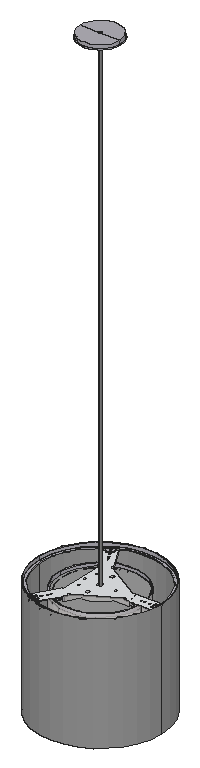
Revit family "Lighting - Lumetta - Pendant - P2092", category Lighting Fixtures, host Ceiling, Revit 2015
Parameters
  Wattage = 11.7117 W
  built-in parameter 1150110 = 1 (stored number, unit not read)
  URL = "https://lumetta.com/luminaires/shadow-drum-18-pendant/"
  Type Comments = ""
  built-in parameter 1114217 = 1 (stored number, unit not read)
  Top Lens-Material [instance] = Acrylic - 2447 - White
  Top Lens (Inner Core) [instance] = yes
  built-in parameter 1150109 = 1 (stored number, unit not read)
  built-in parameter 1150134 = (empty or 0)
  Suspension [instance] = 2
  built-in parameter 1150113 = 1 (stored number, unit not read)
  Stem Hung-ALL Lamping [instance] = Suspension = 3  # no
  P2048 URL [instance] = "https://lumetta.com/luminaires/shadow-drum-18-pendant/"
  Light Source Symbol Size = 0' - 1"
  Fixture Outer Drop [instance] = 6' - 0"
  Diffuser Outer Material [instance] = Glass, Matte
  1CRD Hung- LED-4 Wire [instance] = Suspension = 2  # yes
  Coupling-Stems Over 60 inches [instance] = and([Stem Hung-ALL Lamping], Fixture Outer Drop > 5' 0")  # no
  Model = "P2092"  # constant formula
  Manufacturer = "Lumetta, Inc."  # constant formula
  Lumens = 1300 lm
  built-in parameter 1150115 = 1 (stored number, unit not read)
  built-in parameter 1150105 = 103.45 (stored number, unit not read)
  built-in parameter 1150137 = (empty or 0)
  built-in parameter 1150139 = (empty or 0)
  built-in parameter 1150112 = 1 (stored number, unit not read)
  built-in parameter 1150114 = 1 (stored number, unit not read)
  built-in parameter 1150132 = 1
  built-in parameter 1150102 = (empty or 0)
  built-in parameter 1150138 = (empty or 0)
  built-in parameter 1150107 = 3000 (stored number, unit not read)
  built-in parameter 1150106 = 1.0345 (stored number, unit not read)
  Frame Finish [instance] = Paint - Lumetta - F02 - PC_Chrome
  built-in parameter 1150104 = 10.312 (stored number, unit not read)
  Dimming Lamp Color Temperature Shift = (empty or 0)
  Diffuser Inner Material [instance] = Shade - Lumetta - D61 - MT_White
  Description = "Shadow Drum 18'' Pendant"  # constant formula
  Cord [instance] = or(Suspension = 1, Suspension = 2)  # yes
  Bottom Lens-Material [instance] = Acrylic - P95 - Etched White
  Bottom Lens (Inner Core) [instance] = yes
  3 Cables [instance] = or(Suspension = 1, Suspension = 2)  # yes
  1CRD Hung-STD and 2 or 3 Wire [instance] = Suspension = 1  # no
  Cord Color [instance] = Cord, Black
  Color Filter = 16777215
  built-in parameter 1114218 = 1 (stored number, unit not read)
  built-in parameter 1150133 = 10 (stored number, unit not read)
Reference planes (in)
  plane 1 "Light Source Axis (F/B)": y = 0
  plane 2 "Ceiling": z = 96
  plane 3 "Light Source Axis (L/R)": x = 0
  plane 4 "Light Source Elevation": z = 20.9375
  plane 5 "Fixture- Inner Top": z = 23.4375
  plane 6 "Fixture-Inner Radius": x = 6
  plane 7 "Fixture-Inner Height": z = 10.9375
  plane 8: through (0, 0, 0) normal (-0.5, -0.866, 0)
  plane 9: y = 0
  plane 10: through (0, 0, 0) normal (0.5, -0.866, 0)
  plane 11 "Plane-120": through (-3, 5.19615, 0) normal (0.5, -0.866, 0)
  plane 12 "Plane-240": through (-65.35383, 30.80385, 0) normal (0.5, 0.866, 0)
  plane 13 "Fixture-Outer Radius": x = 9
  plane 14 "Fixture- Outer Top": z = 24
  plane 15 "Fixture-Outer Height": z = 7
Forms (in)
  Revolve 1, solid, material "Paint - Lumetta - F02 - PC_Chrome" <- "Frame Finish", visible <- "3 Cables"
    sketch origin (0, 0, 0) x (1, 0, 0) y (0, 0, 1)
      loop
        line (0, 95.4375) -> (3, 95.4375) -> (3, 95.5) -> (2.87509, 95.5) -> (2.87509, 96) -> (0, 96) -> (0, 95.4375)
      axis (0, 96) -> (0, 95.4375)
    angle from 0 to 360
  Extrusion 2, void
    sketch origin (0, 0, 95.4375) x (0, -1, 0) y (1, 0, 0)
      loop
        circle (0, 0) r 0.25
      loop
        circle (0, 2.5) r 0.06274
      loop
        circle (-2.16506, -1.25) r 0.06274
      loop
        circle (2.16506, -1.25) r 0.06274
    from 0 to 0.06358
  Revolve 3, solid, material "Paint - Lumetta - F02 - PC_Chrome" <- "Frame Finish"
    sketch origin (0, 0, 0) x (1, 0, 0) y (0, 0, 1)
      loop
        line (6, 23.00985) -> (5.9375, 23.00985) -> (5.9375, 22.57235) -> (5.5, 22.57235) -> (5.5, 22.50985) -> (6, 22.50985) -> (6, 23.00985)
      loop
        line (6, 11.4375) -> (5.9375, 11.4375) -> (5.9375, 11) -> (5.5, 11) -> (5.5, 10.9375) -> (6, 10.9375) -> (6, 11.4375)
      axis (0, 23.00985) -> (0, 10.9375)
    angle from 0 to 360
  Revolve 4, solid, material "Shade - Lumetta - D61 - MT_White" <- "Diffuser Inner Material"
    sketch origin (0, 0, 0) x (1, 0, 0) y (0, 0, 1)
      loop
        line (6, 23.00985) -> (6, 10.93459) -> (6.06242, 10.93459) -> (6.06242, 23.00985) -> (6, 23.00985)
      axis (0, 23.00985) -> (0, 10.93459)
    angle from 0 to 360
  Extrusion 5, solid, material "Paint - Lumetta - F02 - PC_Chrome" <- "Frame Finish", visible <- "Stem Hung-ALL Lamping"
    sketch origin (0, 0, 23.4375) x (0, -1, 0) y (-1, 0, 0)
      loop
        circle (0, 0) r 0.25
    from 0.6833 to -72.5625
  Revolve 6, solid, material "Paint - Lumetta - F02 - PC_Chrome" <- "Frame Finish", visible <- "Coupling-Stems Over 60 inches"
    sketch origin (0, 0, 0) x (1, 0, 0) y (0, 0, 1)
      loop
        line (0, 83.54008) -> (0, 83.00985) -> (0.26233, 83.00985)
        arc (0.26233, 83.00985) -> (0.31307, 83.0606) -> (0.26233, 83.11134) r 0.05074
        arc (0.26233, 83.11134) -> (0.29304, 83.27484) -> (0.26243, 83.43836) r 0.45126
        arc (0.26243, 83.43836) -> (0.31329, 83.48922) -> (0.26243, 83.54008) r 0.05086
        line (0.26243, 83.54008) -> (0, 83.54008)
      axis (0, 83.54008) -> (0, 83.00985)
    angle from 0 to 360
  Revolve 7, solid, material "Paint - Lumetta - F02 - PC_Chrome" <- "Frame Finish", visible <- "Stem Hung-ALL Lamping"
    sketch origin (0, 0, 0) x (1, 0, 0) y (0, 0, 1)
      loop
        line (0, 96) -> (0, 93.40625) -> (0.34988, 93.40625)
        arc (0.34988, 93.40625) -> (0.49124, 93.54417) -> (0.58115, 93.72) r 0.61026
        line (0.58115, 93.72) -> (3, 93.72) -> (3, 93.78) -> (2.875, 93.78) -> (2.875, 96) -> (0, 96)
      axis (0, 96) -> (0, 93.40625)
    angle from 0 to 360
  Extrusion 8, solid, material "Cord, Black" <- "Cord Color", visible <- "Cord"
    sketch origin (0, 0, 23.4375) x (0, -1, 0) y (1, 0, 0)
      loop
        circle (0, 0) r 0.15674
    from -0.56254 to 72.5625
  Extrusion 9, solid, material "Paint - Lumetta - F02 - PC_Chrome" <- "Frame Finish"
    sketch origin (0, 0, 23.5) x (0, -1, 0) y (1, 0, 0)
      loop
        line (-0.5, 8.96875) -> (-0.5, 7.76935) -> (0.5, 7.76935) -> (0.5, 8.96875) -> (-0.5, 8.96875)
      loop
        circle (0, 7.99405) r 0.11051
      loop
        line (-7.52232, -4.92036) -> (-6.48361, -4.32066) -> (-6.98361, -3.45464) -> (-8.02232, -4.05434) -> (-7.52232, -4.92036)
      loop
        circle (-6.9282, -4) r 0.11051
      loop
        line (8.02232, -4.05434) -> (6.98361, -3.45464) -> (6.48361, -4.32066) -> (7.52232, -4.92036) -> (8.02232, -4.05434)
      loop
        circle (6.9282, -4) r 0.11051
    from 0 to -0.0625
  Extrusion 10, solid, material "Acrylic - P95 - Etched White" <- "Bottom Lens-Material", visible <- "Bottom Lens (Inner Core)"
    sketch origin (0, 0, 10.9375) x (0, -1, 0) y (1, 0, 0)
      loop
        circle (0, 0) r 5.84375
    from 0.0625 to 0.11254
  Revolve 11, solid, material "Paint - Lumetta - F02 - PC_Chrome" <- "Frame Finish"
    sketch origin (0, 0, 0) x (1, 0, 0) y (0, 0, 1)
      loop
        line (9, 24) -> (8.9375, 24) -> (8.9375, 23.5625) -> (8.5, 23.5625) -> (8.5, 23.5) -> (9, 23.5) -> (9, 24)
      loop
        line (9, 7) -> (9, 7.5) -> (8.9375, 7.5) -> (8.9375, 7.0625) -> (8.5, 7.0625) -> (8.5, 7) -> (9, 7)
      axis (0, 24) -> (0, 7)
    angle from 0 to 360
  Revolve 12, solid, material "Glass, Matte" <- "Diffuser Outer Material"
    sketch origin (0, 0, 0) x (1, 0, 0) y (0, 0, 1)
      loop
        line (9, 24) -> (9, 7) -> (9.03313, 7) -> (9.03313, 24) -> (9, 24)
      axis (0, 7) -> (0, 24)
    angle from 0 to 360
  Extrusion 13, solid, material "Paint - Lumetta - F02 - PC_Chrome" <- "Frame Finish"
    sketch origin (0, 0, 24) x (-1, 0, 0) y (0, -1, 0)
      loop
        line (-4.71967, -0.5) -> (-4.71967, 0.5) -> (-5.96875, 0.5) -> (-5.96875, -0.5) -> (-4.71967, -0.5)
      loop
        circle (-5, -0.01007) r 0.09467
      loop
        line (2.79285, -3.83735) -> (1.92682, -4.33735) -> (2.55136, -5.41909) -> (3.41739, -4.91909) -> (2.79285, -3.83735)
      loop
        circle (2.50872, -4.32509) r 0.09467
      loop
        line (1.92682, 4.33735) -> (2.79285, 3.83735) -> (3.41739, 4.91909) -> (2.55136, 5.41909) -> (1.92682, 4.33735)
      loop
        circle (2.49128, 4.33516) r 0.09467
    from -1.56783 to -1.49015
  Revolve 14, solid, material "Paint - Lumetta - F02 - PC_Chrome" <- "Frame Finish", visible <- "Stem Hung-ALL Lamping"
    sketch origin (0, 0, 0) x (1, 0, 0) y (0, 0, 1)
      loop
        arc (1.9375, 93.33818) -> (2.13408, 93.49233) -> (2.03125, 93.72) r 0.20242
        line (2.03125, 93.72) -> (1.9375, 93.72) -> (1.9375, 93.33818)
      axis (1.9375, 93.72) -> (1.9375, 93.33818)
    angle from 0 to 360
  Revolve 15, solid, material "Paint - Lumetta - F02 - PC_Chrome" <- "Frame Finish", visible <- "Stem Hung-ALL Lamping"
    sketch origin (0, 0, 0) x (-1, 0, 0) y (0, 0, 1)
      loop
        arc (1.9375, 93.33818) -> (2.13408, 93.49233) -> (2.03125, 93.72) r 0.20242
        line (2.03125, 93.72) -> (1.9375, 93.72) -> (1.9375, 93.33818)
      axis (1.9375, 93.72) -> (1.9375, 93.33818)
    angle from 0 to 360
  Revolve 16, solid, material "Paint - Lumetta - F02 - PC_Chrome" <- "Frame Finish", visible <- "1CRD Hung- LED-4 Wire"
    sketch origin (0, 0, 1.7175) x (1, 0, 0) y (0, 0, 1)
      loop
        arc (1.9375, 93.33818) -> (2.13408, 93.49233) -> (2.03125, 93.72) r 0.20242
        line (2.03125, 93.72) -> (1.9375, 93.72) -> (1.9375, 93.33818)
      axis (1.9375, 93.72) -> (1.9375, 93.33818)
    angle from 0 to 360
  Revolve 17, solid, material "Paint - Lumetta - F02 - PC_Chrome" <- "Frame Finish", visible <- "1CRD Hung- LED-4 Wire"
    sketch origin (0, 0, 1.7175) x (-1, 0, 0) y (0, 0, 1)
      loop
        arc (1.9375, 93.33818) -> (2.13408, 93.49233) -> (2.03125, 93.72) r 0.20242
        line (2.03125, 93.72) -> (1.9375, 93.72) -> (1.9375, 93.33818)
      axis (1.9375, 93.72) -> (1.9375, 93.33818)
    angle from 0 to 360
  Revolve 18, solid, material "Paint - Lumetta - F02 - PC_Chrome" <- "Frame Finish", visible <- "1CRD Hung- LED-4 Wire"
    sketch origin (0, 0, 0) x (1, 0, 0) y (0, 0, 1)
      loop
        line (0, 95.4375) -> (0, 95.31123) -> (0.375, 95.31123) -> (0.375, 95.4375) -> (0, 95.4375)
      axis (0, 95.4375) -> (0, 95.31123)
    angle from 0 to 360
  Revolve 19, solid, material "Paint - Lumetta - F02 - PC_Chrome" <- "Frame Finish", visible <- "1CRD Hung-STD and 2 or 3 Wire"
    sketch origin (0, 0, 0) x (1, 0, 0) y (0, 0, 1)
      loop
        line (0, 95.4375) -> (0, 94.9375) -> (0.28309, 94.9375) -> (0.375, 95.4375) -> (0, 95.4375)
      axis (0, 95.4375) -> (0, 94.9375)
    angle from 0 to 360
  Extrusion 20, solid, material "Acrylic - 2447 - White" <- "Top Lens-Material", visible <- "Top Lens (Inner Core)"
    sketch origin (0, 0, 23.5) x (0, -1, 0) y (1, 0, 0)
      loop
        line (4.81682, -3.30873) -> (4.02042, -2.84893) -> (3.87394, -3.10264) -> (1.88736, -1.95569)
        arc (1.88736, -1.95569) -> (1.49482, -2.33623) -> (0.966, -2.475) r 1.077
        line (0.966, -2.475) -> (-0.966, -2.475)
        arc (-0.966, -2.475) -> (-1.49482, -2.33623) -> (-1.88736, -1.95569) r 1.077
        line (-1.88736, -1.95569) -> (-3.87394, -3.10264) -> (-4.02042, -2.84893) -> (-4.81682, -3.30873)
        arc (-4.81682, -3.30873) -> (0, -5.84375) -> (4.81682, -3.30873) r 5.84375
      loop
        line (-5.27385, -2.51712) -> (-4.47745, -2.05732) -> (-4.62394, -1.80361) -> (-2.63736, -0.65666)
        arc (-2.63736, -0.65666) -> (-2.77065, -0.12643) -> (-2.62641, 0.40092) r 1.077
        line (-2.62641, 0.40092) -> (-1.66041, 2.07408)
        arc (-1.66041, 2.07408) -> (-1.27583, 2.46267) -> (-0.75, 2.61235) r 1.077
        line (-0.75, 2.61235) -> (-0.75, 4.90625) -> (-0.45703, 4.90625) -> (-0.45703, 5.82585)
        arc (-0.45703, 5.82585) -> (-5.06084, 2.92188) -> (-5.27385, -2.51712) r 5.84375
      loop
        line (0.45703, 5.82585) -> (0.45703, 4.90625) -> (0.75, 4.90625) -> (0.75, 2.61235)
        arc (0.75, 2.61235) -> (1.27583, 2.46267) -> (1.66041, 2.07408) r 1.077
        line (1.66041, 2.07408) -> (2.62641, 0.40092)
        arc (2.62641, 0.40092) -> (2.77065, -0.12643) -> (2.63736, -0.65666) r 1.077
        line (2.63736, -0.65666) -> (4.62394, -1.80361) -> (4.47745, -2.05732) -> (5.27385, -2.51712)
        arc (5.27385, -2.51712) -> (5.06084, 2.92187) -> (0.45703, 5.82585) r 5.84375
    from -0.92765 to -0.86317
  Extrusion 21, solid, material "Paint - Lumetta - F11 - PC_White"
    sketch origin (0.009, 0, 23.5) x (0, -1, 0) y (1, 0, 0)
      loop
        circle (0, 0) r 0.34375
      loop
        line (-3.146, -2.66225) -> (3.146, -2.66225)
        arc (3.146, -2.66225) -> (3.3392, -2.7784) -> (3.32723, -3.00351) r 0.21875
        line (3.32723, -3.00351) -> (6.66063, -4.92805) -> (7.59813, -3.30425) -> (4.26473, -1.37971)
        arc (4.26473, -1.37971) -> (4.07576, -1.50263) -> (3.87858, -1.39339) r 0.21875
        line (3.87858, -1.39339) -> (0.73258, 4.05564)
        arc (0.73258, 4.05564) -> (0.73657, 4.28103) -> (0.9375, 4.38322) r 0.21875
        line (0.9375, 4.38322) -> (0.9375, 8.2323) -> (-0.9375, 8.2323) -> (-0.9375, 4.38322)
        arc (-0.9375, 4.38322) -> (-0.73657, 4.28103) -> (-0.73258, 4.05564) r 0.21875
        line (-0.73258, 4.05564) -> (-3.87858, -1.39339)
        arc (-3.87858, -1.39339) -> (-4.07576, -1.50263) -> (-4.26473, -1.37971) r 0.21875
        line (-4.26473, -1.37971) -> (-7.59813, -3.30425) -> (-6.66063, -4.92805) -> (-3.32723, -3.00351)
        arc (-3.32723, -3.00351) -> (-3.3392, -2.7784) -> (-3.146, -2.66225) r 0.21875
      loop
        circle (-2.25, 0) r 0.26562
      loop
        circle (2.25, 0) r 0.26562
      loop
        circle (0, -2.25) r 0.10938
      loop
        circle (0, 2.25) r 0.10938
      loop
        circle (-1.641, -1.875) r 0.10938
      loop
        circle (1.639, -1.875) r 0.10938
      loop
        circle (-6.27842, -3.62485) r 0.1266
      loop
        circle (-6.92041, -3.9955) r 0.09276
      loop
        circle (-5.62891, -3.24985) r 0.106
      loop
        circle (-5.19589, -2.99985) r 0.07031
      loop
        circle (6.27842, -3.62485) r 0.1266
      loop
        circle (6.92041, -3.9955) r 0.09276
      loop
        circle (5.62891, -3.24985) r 0.106
      loop
        circle (5.19589, -2.99985) r 0.07031
      loop
        circle (0, 7.2497) r 0.1266
      loop
        circle (0, 7.991) r 0.09276
      loop
        circle (0, 6.4997) r 0.106
      loop
        circle (0, 5.9997) r 0.07031
    from -0.0625 to -0.12728
  Extrusion 22, solid, material "Paint - Lumetta - F02 - PC_Chrome" <- "Frame Finish"
    sketch origin (0, 0, 23.4375) x (0, -1, 0) y (1, 0, 0)
      loop
        line (-0.5, 4.71967) -> (0.5, 4.71967) -> (0.5, 4.78217) -> (-0.5, 4.78217) -> (-0.5, 4.71967)
      loop
        line (-3.83735, -2.79285) -> (-4.33735, -1.92682) -> (-4.39148, -1.95807) -> (-3.89148, -2.8241) -> (-3.83735, -2.79285)
      loop
        line (4.33735, -1.92682) -> (3.83735, -2.79285) -> (3.89148, -2.8241) -> (4.39148, -1.95807) -> (4.33735, -1.92682)
    from -0.06478 to -0.92765
Dimensions and locks (in)
  equal spacing: host sketch curve, plane 3 "Light Source Axis (L/R)", host sketch curve
  equal spacing: host sketch curve, plane 1 "Light Source Axis (F/B)", host sketch curve
  host sketch curve to host sketch curve = 10' - 0"  (x2)
  locked: plane 5 "Fixture- Inner Top" to plane 4 "Light Source Elevation" at 2.5
  plane 6 "Fixture-Inner Radius" to plane 3 "Light Source Axis (L/R)" = 0' - 6"  (x2)
  locked: plane 5 "Fixture- Inner Top" to plane 7 "Fixture-Inner Height" at 12.5
  locked: Revolve 1 sketch curve to plane 3 "Light Source Axis (L/R)" at 2.87509
  locked: Revolve 1 sketch curve to plane 3 "Light Source Axis (L/R)" at 3
  locked: Extrusion 2 sketch curve to Extrusion 2 sketch curve at 2.5
  locked: Revolve 4 sketch curve to plane 6 "Fixture-Inner Radius" at 0.06242
  locked: Revolve 3 to Revolve 4 at 0.06541
  locked: Extrusion 5 sketch curve to imposter light
  locked: Extrusion 5 sketch curve to imposter light at 0
  Revolve 6 sketch curve to Revolve 6 sketch curve = 0' - 0.15822"
  locked: Revolve 6 sketch curve to Revolve 4 at 60
  locked: Revolve 6 sketch curve to Revolve 6 sketch curve at 0.53023
  locked: Revolve 6 sketch curve to Revolve 6 sketch curve at 0.26243
  locked: Revolve 6 sketch curve to Revolve 6 sketch curve at 0.26233
  locked: Revolve 6 sketch curve to Revolve 6 sketch curve at 0.05074
  locked: Revolve 6 sketch curve to Revolve 6 sketch curve at 0.47937
  locked: Revolve 6 sketch curve to Revolve 6 sketch curve at 0.26512
  locked: Revolve 7 sketch curve to Revolve 7 sketch curve at 2.875
  locked: Revolve 7 sketch curve to Revolve 7 sketch curve at 0.31375
  plane 5 "Fixture- Inner Top" to Revolve 3 sketch curve = 0' - 0.92765"
  locked: Revolve 3 sketch curve to plane 7 "Fixture-Inner Height" at 0.5
  locked: plane 6 "Fixture-Inner Radius" to Revolve 3 sketch curve at 0.0625  (x2)
  locked: Revolve 1 sketch curve to Revolve 1 sketch curve at 0.0625
  locked: host ceiling to Revolve 1 sketch curve at 0.5625
  locked: Revolve 1 sketch curve to Revolve 1 sketch curve at 0.5625
  locked: Revolve 1 sketch curve to Revolve 1 sketch curve at 3
  Revolve 1 sketch curve to Revolve 1 sketch curve = 0' - 2.87509"
  plane 10 to plane 11 "Plane-120" = 0' - 6"
  plane 12 "Plane-240" to plane 8 = 0' - 6"
  locked: plane 10 to Extrusion 2 sketch curve at 2.5
  locked: Extrusion 2 sketch curve to plane 8 at 2.5
  locked: Extrusion 10 to plane 7 "Fixture-Inner Height" at 0.11254
  locked: plane 13 "Fixture-Outer Radius" to plane 3 "Light Source Axis (L/R)" at 9
  "Fixture Outer Drop": plane 2 "Ceiling" to plane 14 "Fixture- Outer Top"
  locked: plane 14 "Fixture- Outer Top" to plane 5 "Fixture- Inner Top" at 0.5625
  locked: plane 14 "Fixture- Outer Top" to plane 15 "Fixture-Outer Height" at 17
  locked: Revolve 11 sketch curve to plane 15 "Fixture-Outer Height" at 0
  locked: Revolve 11 sketch curve to plane 13 "Fixture-Outer Radius" at 0  (x2)
  locked: Revolve 12 sketch curve to plane 13 "Fixture-Outer Radius" at 0
  locked: plane 13 "Fixture-Outer Radius" to Revolve 12 sketch curve at 0.03313
  locked: Revolve 12 sketch curve to plane 14 "Fixture- Outer Top" at 0
  locked: Revolve 12 sketch curve to plane 15 "Fixture-Outer Height" at 0
  locked: Extrusion 9 sketch curve to Extrusion 9 sketch curve at 0.2247  (x3)
  Revolve 7 to Revolve 14 sketch curve = 0' - 0"
  locked: Revolve 1 to Revolve 19 sketch curve at 0.5
  locked: Revolve 19 sketch curve to Revolve 19 sketch curve at 0.27843
  locked: Revolve 19 sketch curve to plane 3 "Light Source Axis (L/R)" at 0.375
  locked: Revolve 11 sketch curve to Revolve 11 sketch curve at 0.5  (x4)
  locked: Revolve 11 sketch curve to Revolve 11 sketch curve at 0.0625  (x4)
  locked: Extrusion 9 sketch curve to plane 9 at 0.5
  equal spacing: Extrusion 9 sketch curve, plane 9, Extrusion 9 sketch curve
  locked: plane 6 "Fixture-Inner Radius" to Revolve 3 sketch curve at 0.5
  Extrusion 21 sketch curve to Extrusion 21 sketch curve = 0' - 1 7/8"
  locked: Extrusion 21 sketch curve to Extrusion 21 sketch curve at 0.2413  (x3)
  plane 6 "Fixture-Inner Radius" to Extrusion 9 sketch curve = 0' - 1.99405"
  Extrusion 9 sketch curve to Extrusion 9 sketch curve = 0' - 1"
  plane 5 "Fixture- Inner Top" to Extrusion 20 = 0' - 0.80067"
  locked: plane 5 "Fixture- Inner Top" to Extrusion 9 at 0
  plane 5 "Fixture- Inner Top" to Extrusion 21 = 0' - 0.06478"
  locked: Extrusion 21 to Extrusion 21 at 0.06478
  Extrusion 20 to Extrusion 20 = 0' - 0.06447"
  locked: Extrusion 9 to Extrusion 9 at 0.0625
  locked: Extrusion 20 sketch curve to plane 9 at 0.966
  locked: plane 9 to Extrusion 20 sketch curve at 0.966
  locked: Extrusion 20 sketch curve to plane 3 "Light Source Axis (L/R)" at 1.398  (x2)
  locked: Extrusion 20 sketch curve to plane 3 "Light Source Axis (L/R)" at 2.475
  locked: Revolve 11 sketch curve to plane 14 "Fixture- Outer Top" at 0
  Revolve 11 to Extrusion 13 = 0' - 0.99015"
  Extrusion 13 to Extrusion 13 = 0' - 0.07768"
  locked: Extrusion 13 to Extrusion 13 at 0.07768
  Extrusion 13 sketch curve to plane 6 "Fixture-Inner Radius" = 0' - 0 1/32"
  locked: plane 3 "Light Source Axis (L/R)" to Extrusion 13 sketch curve at 5
  Extrusion 13 sketch curve to Extrusion 13 sketch curve = 0' - 0 3/8"
  equal spacing: Extrusion 13 sketch curve, plane 9, Extrusion 13 sketch curve, locked at 0.5 each
  Extrusion 13 sketch curve to Extrusion 13 sketch curve = 0' - 1"
  plane 5 "Fixture- Inner Top" to Revolve 4 = 0' - 0.42765"
  plane 14 "Fixture- Outer Top" to Extrusion 21 = 0' - 0 9/16"
  locked: Revolve 3 sketch curve to plane 6 "Fixture-Inner Radius"
  locked: Revolve 3 sketch curve to plane 6 "Fixture-Inner Radius" at 0.5
  locked: Extrusion 9 sketch curve to Extrusion 9 sketch curve at 1.1994
  locked: Extrusion 9 sketch curve to plane 13 "Fixture-Outer Radius" at 0.03125
  locked: Extrusion 21 to plane 5 "Fixture- Inner Top"
  locked: Extrusion 21 to Revolve 4 at 0.36287
  locked: Revolve 3 sketch curve to Revolve 3 sketch curve at 0.5
  locked: plane 5 "Fixture- Inner Top" to Revolve 3 sketch curve at 0.42765
  locked: Revolve 3 sketch curve to Revolve 3 sketch curve at 0.0625
  locked: Revolve 3 to Extrusion 13 at 0
  locked: Extrusion 20 to Extrusion 20 at 0.06447
  locked: Extrusion 13 to plane 6 "Fixture-Inner Radius" at 1.28033
  locked: Extrusion 22 sketch curve to Extrusion 13  (x2)
  locked: Extrusion 13 to Extrusion 22 sketch curve at 0.0625
  locked: plane 5 "Fixture- Inner Top" to Extrusion 22 at 0.06478
  radius of Extrusion 10 sketch curve = 0' - 5 27/32"
  aligned and locked: plane 3 "Light Source Axis (L/R)" to imposter light
  aligned and locked: plane 1 "Light Source Axis (F/B)" to imposter light
  aligned and locked: plane 4 "Light Source Elevation" to imposter light
  aligned and locked: Revolve 4 sketch curve to plane 3 "Light Source Axis (L/R)"
  aligned and locked: Revolve 6 sketch curve to Revolve 6 sketch curve  (x2)
  aligned and locked: host ceiling to Extrusion 5
  aligned and locked: host ceiling to Extrusion 8
  aligned and locked: Revolve 11 sketch curve to plane 3 "Light Source Axis (L/R)"
  aligned and locked: Revolve 12 sketch curve to plane 3 "Light Source Axis (L/R)"
  aligned and locked: Extrusion 10 to Revolve 3
  aligned and locked: Extrusion 20 to Revolve 3
  aligned and locked: Extrusion 22 to Revolve 3
Automatic sketch dimensions
  Revolve 1 sketch curve to plane 3 "Light Source Axis (L/R)" = 0' - 0"
  Revolve 1 sketch curve to Revolve 1 sketch curve = 0' - 0"
  Revolve 1 sketch curve to Revolve 1 sketch curve = 0' - 9 3/4"
  Extrusion 2 sketch curve to Revolve 1 = 0' - 0"
  Revolve 1 to Extrusion 2 sketch curve = 0' - 2.16506"
  Extrusion 2 sketch curve to Revolve 1 = 0' - 2.16506"
  Revolve 7 sketch curve to plane 3 "Light Source Axis (L/R)" = 0' - 0"  (x3)
  Revolve 7 sketch curve to plane 2 "Ceiling" = 0' - 0"
  plane 3 "Light Source Axis (L/R)" to Revolve 7 sketch curve = 0' - 0.34988"
  Revolve 7 sketch curve to Revolve 7 sketch curve = 0' - 0.23126"
  Revolve 7 sketch curve to Revolve 7 sketch curve = 0' - 0 1/8"
  Revolve 7 sketch curve to plane 2 "Ceiling" = 0' - 2 3/32"
  Revolve 7 sketch curve to Revolve 7 sketch curve = 0' - 0.06"
  plane 2 "Ceiling" to Revolve 7 sketch curve = 0' - 1 3/4"
  Revolve 7 sketch curve to Revolve 7 sketch curve = 0' - 2 1/2"
  plane 1 "Light Source Axis (F/B)" to Extrusion 8 sketch curve = 0' - 0"
  Extrusion 8 sketch curve to plane 3 "Light Source Axis (L/R)" = 0' - 0"
  Revolve 12 sketch curve to plane 15 "Fixture-Outer Height" = 0' - 1 1/2"
  Revolve 12 sketch curve to level = 1' - 0"
  Revolve 14 sketch curve to Revolve 14 sketch curve = 0' - 0.1794"
  Revolve 14 sketch curve to Revolve 14 sketch curve = 0' - 0.90349"
  plane 2 "Ceiling" to Revolve 14 sketch curve = 0' - 0.68468"
  plane 3 "Light Source Axis (L/R)" to Revolve 15 sketch curve = 0' - 1 15/16"
  Revolve 15 sketch curve to Revolve 15 sketch curve = 0' - 0 3/32"
  plane 2 "Ceiling" to Revolve 15 sketch curve = 0' - 2.66182"
  Revolve 15 sketch curve to Revolve 15 sketch curve = 0' - 0.20242"
  Revolve 15 sketch curve to Revolve 15 sketch curve = 0' - 0"
  Revolve 15 sketch curve to Revolve 15 sketch curve = 0' - 0.90349"
  Revolve 15 sketch curve to plane 2 "Ceiling" = 0' - 0.68468"
  Revolve 16 sketch curve to plane 2 "Ceiling" = 0' - 0.94432"
  Revolve 16 sketch curve to Revolve 16 sketch curve = 0' - 0.20242"
  Revolve 16 sketch curve to Revolve 16 sketch curve = 0' - 0.90349"
  plane 2 "Ceiling" to Revolve 16 sketch curve = 0' - 2.40218"
  plane 2 "Ceiling" to Revolve 17 sketch curve = 0' - 0.7419"
  plane 3 "Light Source Axis (L/R)" to Revolve 17 sketch curve = 0' - 1 15/16"
  Revolve 17 sketch curve to Revolve 17 sketch curve = 0' - 0 3/32"
  Revolve 17 sketch curve to Revolve 17 sketch curve = 0' - 0.20242"
  Revolve 17 sketch curve to Revolve 17 sketch curve = 0' - 0"
  Revolve 17 sketch curve to Revolve 17 sketch curve = 0' - 0.90349"
  Revolve 17 sketch curve to plane 2 "Ceiling" = 0' - 2.40218"
  Revolve 18 sketch curve to plane 3 "Light Source Axis (L/R)" = 0' - 0"  (x2)
  plane 3 "Light Source Axis (L/R)" to Revolve 18 sketch curve = 0' - 0 3/8"
  Revolve 18 sketch curve to plane 2 "Ceiling" = 0' - 0.68877"
  Revolve 18 sketch curve to Revolve 18 sketch curve = 0' - 0.12627"
  Revolve 18 sketch curve to Revolve 18 sketch curve = 0' - 0.21888"
  Revolve 18 sketch curve to plane 2 "Ceiling" = 0' - 0.22322"
  Revolve 19 sketch curve to plane 3 "Light Source Axis (L/R)" = 0' - 0"  (x2)
  plane 3 "Light Source Axis (L/R)" to Revolve 19 sketch curve = 0' - 0.28309"
  Revolve 19 sketch curve to Revolve 19 sketch curve = 0' - 0 3/4"
  plane 2 "Ceiling" to Revolve 19 sketch curve = 0' - 0 7/16"
  plane 3 "Light Source Axis (L/R)" to Revolve 14 sketch curve = 0' - 1 15/16"
  Revolve 14 sketch curve to Revolve 14 sketch curve = 0' - 0 3/32"
  Revolve 14 sketch curve to Revolve 14 sketch curve = 0' - 0"
  plane 3 "Light Source Axis (L/R)" to Revolve 16 sketch curve = 0' - 1 15/16"
  Revolve 16 sketch curve to Revolve 16 sketch curve = 0' - 0 3/32"
  Revolve 16 sketch curve to Revolve 16 sketch curve = 0' - 0"
  Revolve 4 sketch curve to plane 6 "Fixture-Inner Radius" = 0' - 0"
  plane 5 "Fixture- Inner Top" to Revolve 4 sketch curve = 0' - 0.42765"
  plane 7 "Fixture-Inner Height" to Revolve 4 sketch curve = 0' - 0.00291"
  plane 7 "Fixture-Inner Height" to Revolve 4 sketch curve = 0' - 1 1/4"
  plane 14 "Fixture- Outer Top" to Revolve 4 sketch curve = 0' - 1 3/4"
  Revolve 6 sketch curve to plane 3 "Light Source Axis (L/R)" = 0' - 0"
  Revolve 6 sketch curve to Revolve 6 sketch curve = 0' - 11.34317"
  plane 1 "Light Source Axis (F/B)" to Extrusion 9 sketch curve = 0' - 0"
  Extrusion 9 sketch curve to plane 1 "Light Source Axis (F/B)" = 0' - 6.48361"
  Extrusion 9 sketch curve to Extrusion 9 sketch curve = 0' - 0.4446"  (x2)
  Extrusion 9 sketch curve to plane 3 "Light Source Axis (L/R)" = 0' - 3.45464"  (x2)
  Extrusion 9 sketch curve to Extrusion 9 sketch curve = 0' - 0.0554"  (x2)
  Extrusion 9 sketch curve to plane 3 "Light Source Axis (L/R)" = 0' - 4.92036"  (x2)
  Extrusion 9 sketch curve to Extrusion 9 sketch curve = 0' - 0.59411"  (x2)
  plane 1 "Light Source Axis (F/B)" to Extrusion 9 sketch curve = 0' - 6.48361"
  Extrusion 20 sketch curve to Extrusion 20 sketch curve = 0' - 0"  (x8)
  plane 1 "Light Source Axis (F/B)" to Extrusion 20 sketch curve = 0' - 0"
  Extrusion 20 sketch curve to plane 3 "Light Source Axis (L/R)" = 0' - 0"
  Extrusion 20 sketch curve to plane 1 "Light Source Axis (F/B)" = 0' - 1.66041"
  Extrusion 20 sketch curve to plane 3 "Light Source Axis (L/R)" = 0' - 0.13758"  (x2)
  Extrusion 20 sketch curve to Extrusion 20 sketch curve = 0' - 0.7277"  (x2)
  Extrusion 20 sketch curve to Extrusion 20 sketch curve = 0' - 0.92136"  (x2)
  plane 3 "Light Source Axis (L/R)" to Extrusion 20 sketch curve = 0' - 0.40092"  (x2)
  Extrusion 20 sketch curve to Extrusion 20 sketch curve = 0' - 0.93271"  (x2)
  Extrusion 20 sketch curve to plane 3 "Light Source Axis (L/R)" = 0' - 0.65666"  (x2)
  Extrusion 20 sketch curve to Extrusion 20 sketch curve = 0' - 1.98658"  (x2)
  Extrusion 20 sketch curve to Extrusion 20 sketch curve = 0' - 0.14648"  (x2)
  Extrusion 20 sketch curve to plane 3 "Light Source Axis (L/R)" = 0' - 2.05732"  (x2)
  Extrusion 20 sketch curve to Extrusion 20 sketch curve = 0' - 0 117/256"  (x2)
  Extrusion 20 sketch curve to plane 3 "Light Source Axis (L/R)" = 0' - 1.80361"  (x2)
  Extrusion 20 sketch curve to Extrusion 20 sketch curve = 0' - 0.7964"  (x2)
  Extrusion 20 sketch curve to plane 3 "Light Source Axis (L/R)" = 0' - 2.51712"  (x2)
  Extrusion 20 sketch curve to plane 1 "Light Source Axis (F/B)" = 0' - 0 3/4"
  Extrusion 20 sketch curve to plane 1 "Light Source Axis (F/B)" = 0' - 0.7277"
  Extrusion 20 sketch curve to Extrusion 20 sketch curve = 0' - 0 75/256"  (x2)
  plane 1 "Light Source Axis (F/B)" to Extrusion 20 sketch curve = 0' - 0 117/256"
  plane 1 "Light Source Axis (F/B)" to Extrusion 20 sketch curve = 0' - 0.7277"
  Extrusion 20 sketch curve to Extrusion 20 sketch curve = 0' - 0.91041"
  Extrusion 20 sketch curve to plane 3 "Light Source Axis (L/R)" = 0' - 2.84893"
  plane 3 "Light Source Axis (L/R)" to Extrusion 20 sketch curve = 0' - 1.53558"
  Extrusion 20 sketch curve to Extrusion 20 sketch curve = 0' - 0.5385"  (x2)
  Extrusion 20 sketch curve to Extrusion 20 sketch curve = 0' - 0.9196"
  level to Revolve 11 sketch curve = 0' - 2 1/4"
  Revolve 11 sketch curve to plane 7 "Fixture-Inner Height" = 0' - 5 1/2"
  plane 1 "Light Source Axis (F/B)" to Extrusion 21 sketch curve = 0' - 0"  (x7)
  Extrusion 21 sketch curve to plane 1 "Light Source Axis (F/B)" = 0' - 0.92202"
  Extrusion 21 sketch curve to plane 1 "Light Source Axis (F/B)" = 0' - 0 15/16"
  Extrusion 21 sketch curve to plane 1 "Light Source Axis (F/B)" = 0' - 1.641"
  plane 3 "Light Source Axis (L/R)" to Extrusion 21 sketch curve = 0' - 0.009"  (x3)
  Extrusion 21 sketch curve to Extrusion 21 sketch curve = 0' - 0.609"
  Extrusion 21 sketch curve to Extrusion 21 sketch curve = 0' - 1.505"
  Extrusion 21 sketch curve to Extrusion 21 sketch curve = 0' - 0.18123"  (x2)
  Extrusion 21 sketch curve to plane 3 "Light Source Axis (L/R)" = 0' - 1.38439"  (x2)
  Extrusion 21 sketch curve to Extrusion 21 sketch curve = 0' - 0.73258"  (x2)
  Extrusion 21 sketch curve to Extrusion 21 sketch curve = 0' - 0.18944"  (x4)
  Extrusion 21 sketch curve to plane 3 "Light Source Axis (L/R)" = 0' - 1.37071"  (x2)
  Extrusion 21 sketch curve to Extrusion 21 sketch curve = 0' - 0.19671"  (x2)
  Extrusion 21 sketch curve to Extrusion 21 sketch curve = 0' - 1.86866"
  Extrusion 21 sketch curve to Extrusion 21 sketch curve = 0' - 0.43301"  (x2)
  Extrusion 21 sketch curve to Extrusion 21 sketch curve = 0' - 0.64952"  (x2)
  Extrusion 21 sketch curve to plane 3 "Light Source Axis (L/R)" = 0' - 4.91905"
  Extrusion 21 sketch curve to Extrusion 21 sketch curve = 0' - 0.38221"  (x2)
  Extrusion 21 sketch curve to Extrusion 21 sketch curve = 0' - 0.64198"  (x2)
  Extrusion 21 sketch curve to plane 3 "Light Source Axis (L/R)" = 0' - 3.29525"  (x2)
  plane 1 "Light Source Axis (F/B)" to Extrusion 21 sketch curve = 0' - 0.92202"
  plane 1 "Light Source Axis (F/B)" to Extrusion 21 sketch curve = 0' - 0 15/16"
  plane 1 "Light Source Axis (F/B)" to Extrusion 21 sketch curve = 0' - 1.639"
  Extrusion 21 sketch curve to Extrusion 21 sketch curve = 0' - 0.611"
  Extrusion 21 sketch curve to Extrusion 21 sketch curve = 0' - 1.507"
  Extrusion 21 sketch curve to Extrusion 21 sketch curve = 0' - 0.93116"
  Extrusion 21 sketch curve to Extrusion 21 sketch curve = 0' - 0.67772"
  Extrusion 21 sketch curve to Extrusion 21 sketch curve = 0' - 0.37065"  (x2)
  Extrusion 21 sketch curve to Extrusion 21 sketch curve = 0' - 0 3/8"  (x4)
  Extrusion 21 sketch curve to Extrusion 21 sketch curve = 0' - 0 1/4"  (x2)
  Extrusion 21 sketch curve to Extrusion 21 sketch curve = 0' - 0.12251"
  Extrusion 21 sketch curve to plane 3 "Light Source Axis (L/R)" = 0' - 2.241"
  Extrusion 21 sketch curve to Extrusion 21 sketch curve = 0' - 2 1/4"
  Extrusion 21 sketch curve to plane 6 "Fixture-Inner Radius" = 0' - 1.82598"  (x2)
  Extrusion 21 sketch curve to Extrusion 21 sketch curve = 0' - 0.2182"  (x2)
  plane 6 "Fixture-Inner Radius" to Extrusion 21 sketch curve = 0' - 0.0087"
  Extrusion 21 sketch curve to Extrusion 21 sketch curve = 0' - 0 1/2"
  Extrusion 21 sketch curve to Extrusion 21 sketch curve = 0' - 0 3/4"
  Extrusion 21 sketch curve to Extrusion 21 sketch curve = 0' - 0.7413"
  Extrusion 13 sketch curve to Extrusion 13 sketch curve = 0' - 0.28033"
  Extrusion 13 sketch curve to plane 3 "Light Source Axis (L/R)" = 0' - 1.92682"  (x2)
  Extrusion 13 sketch curve to Extrusion 13 sketch curve = 0' - 0.56446"
  Extrusion 13 sketch curve to Extrusion 13 sketch curve = 0' - 0.5819"
  Extrusion 13 sketch curve to Extrusion 13 sketch curve = 0' - 0.04264"
  Extrusion 13 sketch curve to Extrusion 13 sketch curve = 0' - 0.06008"
  Extrusion 13 sketch curve to Extrusion 13 sketch curve = 0' - 0.30156"
  Extrusion 13 sketch curve to Extrusion 13 sketch curve = 0' - 0.28413"
  Extrusion 13 sketch curve to plane 1 "Light Source Axis (F/B)" = 0' - 5.41909"
  Extrusion 13 sketch curve to Extrusion 13 sketch curve = 0' - 0 1/2"
  Extrusion 13 sketch curve to Extrusion 13 sketch curve = 0' - 0.48774"
  Extrusion 13 sketch curve to plane 1 "Light Source Axis (F/B)" = 0' - 0 1/2"
  Extrusion 13 sketch curve to plane 1 "Light Source Axis (F/B)" = 0' - 0.01007"
  plane 1 "Light Source Axis (F/B)" to Extrusion 13 sketch curve = 0' - 3.83735"
  Extrusion 13 sketch curve to Extrusion 13 sketch curve = 0' - 0.49781"
  Extrusion 13 sketch curve to Extrusion 13 sketch curve = 0' - 0.00219"
  plane 3 "Light Source Axis (L/R)" to Revolve 3 sketch curve = 0' - 0"
  Revolve 3 sketch curve to plane 6 "Fixture-Inner Radius" = 0' - 0"
  Revolve 3 sketch curve to plane 7 "Fixture-Inner Height" = 0' - 0"
  Revolve 3 sketch curve to plane 7 "Fixture-Inner Height" = 0' - 0 1/16"
  Revolve 3 sketch curve to level = 0' - 10"
  Revolve 3 sketch curve to plane 2 "Ceiling" = 0' - 1"
  Extrusion 22 sketch curve to plane 1 "Light Source Axis (F/B)" = 0' - 3.83735"
  Extrusion 22 sketch curve to Extrusion 22 sketch curve = 0' - 0.05413"  (x2)
  Extrusion 22 sketch curve to plane 3 "Light Source Axis (L/R)" = 0' - 1.92682"  (x2)
  Extrusion 22 sketch curve to Extrusion 22 sketch curve = 0' - 0 1/2"  (x2)
  plane 1 "Light Source Axis (F/B)" to Extrusion 22 sketch curve = 0' - 3.83735"
  Extrusion 22 sketch curve to Extrusion 22 sketch curve = 0' - 0 1/32"  (x2)
  Extrusion 22 sketch curve to Extrusion 22 sketch curve = 0' - 0 1/16"
  plane 1 "Light Source Axis (F/B)" to Extrusion 10 sketch curve = 0' - 0"
  Extrusion 10 sketch curve to plane 3 "Light Source Axis (L/R)" = 0' - 0"
  radius of Extrusion 2 sketch curve to Revolve 1 = 0' - 2 3/4"
  radius of Extrusion 2 sketch curve = 0' - 0.06274"  (x3)
  radius of Extrusion 5 sketch curve = 0' - 0 1/4"
  radius of Extrusion 8 sketch curve = 0' - 0.15674"
  radius of Extrusion 9 sketch curve = 0' - 0.11051"  (x3)
  radius of Extrusion 21 sketch curve = 0' - 0 11/32"
  radius of Extrusion 21 sketch curve = 0' - 0 17/64"  (x2)
  radius of Extrusion 21 sketch curve = 0' - 0 7/64"  (x4)
  radius of Extrusion 21 sketch curve = 0' - 0.1266"  (x3)
  radius of Extrusion 21 sketch curve = 0' - 0.09276"  (x3)
  radius of Extrusion 21 sketch curve = 0' - 0.106"  (x3)
  radius of Extrusion 21 sketch curve = 0' - 0 9/128"  (x3)
  radius of Extrusion 13 sketch curve = 0' - 0.09467"  (x2)
